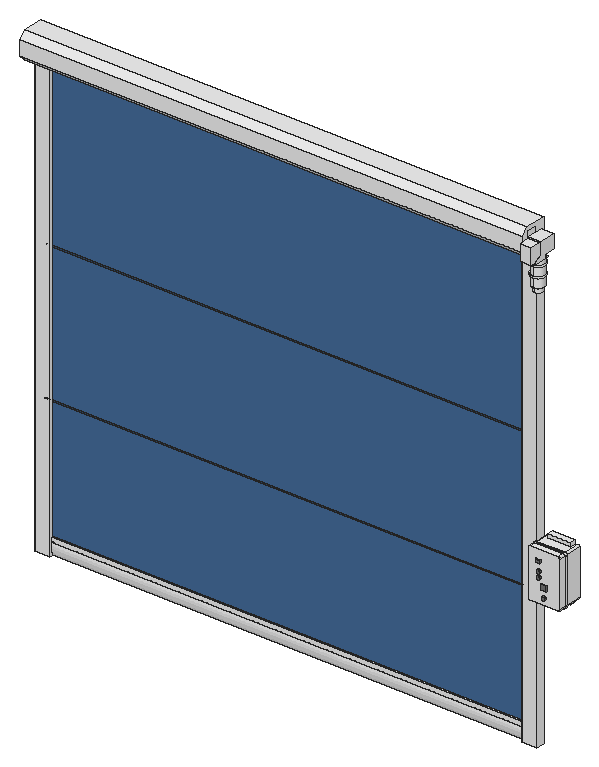
Revit family "g2021_EN_Roll-up_Door_Ferroflex_Alumroll_D00682ES", category Doors, host Wall, Revit 2021
Family settings
  Host = Wall
  OmniClass Number = 23.30.10.00
  OmniClass Title = Doors
  Always vertical = Yes
  Cut with Voids When Loaded = No
  Shared = No
  Room Calculation Point = No
Parameters (values of type "Roll-up Door 4000 x 4000 mm")
  Zone = ""
  Expected Service Life = ""
  Vertical Motor [instance] = not(Horizontal Motor)  # yes
  GDO-BIM Standard Version = "GDO-BIM V02"
  Version = "RVT2021"  # constant formula
  Measuring Unit = "Unit"  # constant formula
  Unit = ""
  Uniclass2015 Code = ""
  Uniclass2015 Title = ""
  Declaration of Performance URL = "https://ferroflexindustrialaccess.com/productos/puerta-rapida-enrollable-aluminio-clase-2"
  Product URL = "https://ferroflexindustrialaccess.com/productos/puerta-rapida-enrollable-aluminio-clase-2"
  BIM Profile URL = "https://bimetica.com/en/bim-object-ferroflex-high-speed-roll-up-door-aluminium-alumrolld00682es-v2-15963.html"
  URL = "https://ferroflexindustrialaccess.com/productos/puerta-rapida-enrollable-aluminio-clase-2\r\nhttps://ferroflexindustrialaccess.com/productos/puerta-rapida-enrollable-aluminio-zonas-interiores"
  UNSPSC Title = "Rolling doors"  # constant formula
  UNSPSC Code = "30171503"  # constant formula
  Type Comments = ""
  Owner = "MANUSA GEST, S.L."  # constant formula
  Container Protection Type = ""
  Service Life Duration = ""
  Mean Time Between Failure = ""
  Thickness = E  # 73 mm
  Telephone Contact = "0034 937 263 433"
  BIM technical support = "https://bimsupport.info/en/fabricantes/ferroflex/"
  Series = "Roll-up Doors"
  FireExit = no
  Safety and Security Contact = ""
  Tender Contact = ""
  Purchase Contact = ""
  Hazardous Waste Per Unit = 0
  NonHazardous Waste Per Unit = 0
  Radioactive Waste Per Unit = 0
  Inert Waste Per Unit = 0
  Functional Unit Reference = ""
  Batch Reference = ""
  Technical Support Contact = "ferroflex@ferroflex.net"
  Sales Representative Contact = "ferroflex@ferroflex.net"
  Reference = "D00682ES-V2"  # constant formula
  Point of Contact = "https://ferroflexindustrialaccess.com/contact"
  BIM Content Download Platform = "www.bimetica.com"
  Weight = 0.00 kg
  Warranty Period = "One year"  # constant formula
  Tender Text URL = ""
  Country of Sale = ""
  Operation = "Enrrollable"  # constant formula
  Omniclass Title = "Access Doors"  # constant formula
  Omniclass Code = "23-17 11 27 13"  # constant formula
  License Number = "XXX-XXXX7125"  # constant formula
  Declaration of Performance Number = ""
  Serial Number = ""
  Global Trade Item Number = ""
  Article Number = "D00682ES-V2"  # constant formula
  Risk Level = ""
  Model = "Alumroll"  # constant formula
  Curtain Material = PVC_Blue
  Wrapping Material = "Plastic wrapping"
  Container Material = "Wooden box"
  Material = Aluminium_Laquered
  Masterformat Title = "Access Doors and Panels"  # constant formula
  Masterformat Code = "08 31 00"  # constant formula
  CE Mark = yes
  Manufacturer = "Ferroflex S.L.U."  # constant formula
  Maintenance = ""
  Assembly Place = "On site"
  Special Instructions = ""
  Technical Information = ""
  Infiltration = 0
  IfcExportType = "Roll-up door"  # constant formula
  IfcExportAs = "IfcDoor"  # constant formula
  Warranty Identifier = ""
  Horizontal Motor [instance] = no
  History = "(RVT2021) Creation of Element."  # constant formula
  H = 430 mm  # constant formula
  Gubimclass Code = "Puertas de acceso"  # constant formula
  Gubimclass Title = "80.10.40.20"  # constant formula
  Is Extended Warranty = no
  G = 300 mm  # constant formula
  Function = Exterior
  LCA Data Source = ""
  Frame Projection Ext. = 200 mm
  Frame Projection Int. = 100 mm
  Fire Rating = "Canvas ISO 3795-89"  # constant formula
  E = 73 mm  # constant formula
  D = 130 mm  # constant formula
  Description = "Rapid roll-up door, consisting of guides and head in lacquered or anodized aluminum. PVC canvas with polyester fabric, color to choose. Control panel with variator. Active security by means of crossed photocells barriers and possibility of lower skirt with resistive band."  # constant formula
  Define Thermal Properties by = Schematic Type
  Control panel Visible [instance] = yes
  C = 480 mm  # constant formula
  B = 205 mm  # constant formula
  Sight glass area = "Possibility of sight glass areas are available"
  Analytic Construction = "<Ninguno>"
  Height = if((Clear Height + 480 mm) < 2100 mm, 2100 mm, if((Clear Height + 480 mm) > 4000 mm, 4000 mm, Clear Height))  # 4000 mm
  Wall Closure = Interior
  Width = if((Clear Width + 130 mm) < 1000 mm, 1000 mm, if((Clear Width + 130 mm) > 4000 mm, 4000 mm, Clear Width))  # 4000 mm
  Glazing Area Fraction = 0
  Photochemical Ozone Formation Per Unit = 0
  BIM Eelement Expiry Date = "2 years"  # constant formula
  Supply Date = ""
  Warranty Start Date = ""
  Warranty End Date = ""
  Assessment Date = ""
  BIM Element Issue Date = "16/12/2022"  # constant formula
  Purchase Date = ""
  Installation Date = ""
  Life Cycle Phase = ""
  Resource Depletion Per Unit = 0
  Exclusions = ""
  Eutrophication Per Unit = 0
  Model Label = "Alumroll Roll-up Door"  # constant formula
  Safety Standard = "2006/42/CE"
  Clear Area to Access = 0 mm
  Space = ""
  HasDrive = yes
  Is External = 1 = 1  # yes
  Is Accesible = no
  Energy Spent = 0
  Renewable Energy Consumption Per Unit = 0
  Total Primary Energy Consumption Per Unit = 0
  Non Renewable Energy Consumption Per Unit = 0
  Contact Email = "ferroflex@ferroflex.net"
  Stratospheric Ozone Layer Destruction Per Unit = 0
  Exterior Offset = 0 mm
  Interior Offset = 0 mm
  Assessment Description = ""
  Dependent Of = ""
  Environmental Product Declaration URL = ""
  LEED Credits = ""
  BREEAM Credits = ""
  Maintenance Cost = 0
  SmokeStop = no
  Warranty Content = "Materials"
  Contact = "https://ferroflexindustrialaccess.com/contact"
  Condition of Sale = ""
  Assessment Condition = ""
  Barcode = ""
  Code = "Alumroll"  # constant formula
  Hygrothermal Rating = ""
  Security Rating = "ISO 1421 / ISO 13937-2"
  Water Tightness Rating = ""
  Mechanical Load Rating = ""
  Wind Load Rating = "Class 2"  # constant formula
  Self Closing = no
  Climate Change Per Unit = 0
  Durability Rating = ""
  COBie Category = "IfcDoor"  # constant formula
  Product Pricing Database 03 = ""
  Product Pricing Database 02 = ""
  Product Pricing Database 01 = ""
  Author = "Bimetica Parametric Design Services S.L."  # constant formula
  Production Year = ""
  Clear Width = 4000 mm
  Minimum Required Height = 2100 mm
  Clear Height = 4000 mm
  Control panel Height = 1200 mm
  Water Consumption Per Unit = 0
  Agl [instance] = if(Vertical Motor, 180.00°, if(Horizontal Motor, 90.00°, 0.00°))  # 180.00°
  Atmospheric Acidification Per Unit = 0
  Finish = "Lacquered"
  A = 224 mm  # constant formula
Reference planes
  plane 1: y = 0
  plane 2 "Center (Left/Right)": x = 0
  plane 3 "Left": x = -2000
  plane 4 "Right": x = 2000
  plane 5 "Exterior": y = -150
  plane 6 "Interior": y = -150
  plane 7 "RM": x = 2130
  plane 8: x = -2130
  plane 9 "E": y = -223
  plane 10 "Top": z = 4000
  plane 11 "B": y = -375
  plane 12: z = 1400
  plane 13 "Cuadro de Mando": z = 1200
  plane 14 "Motor": z = 3888
  plane 15 "M": x = 2212.663
  plane 16 "C": z = 3520
  plane 17 "A": z = 3776
  plane 18 "Bottom": z = 0
Forms (mm)
  Extrusion 1, solid, material "Aluminium_Laquered" <- "Material"
    sketch origin (-8415.525, -465, 0) x (0, 1, 0) y (-1, 0, 0)
      loop
        line (315, -6285.525) -> (242, -6285.525) -> (242, -6415.525) -> (266.531, -6415.525) -> (266.531, -6388.525) -> (263.531, -6388.525) -> (263.531, -6412.525) -> (245, -6412.525) -> (245, -6288.525) -> (312, -6288.525) -> (312, -6412.525) -> (289.53, -6412.525) -> (289.53, -6388.525) -> (286.53, -6388.525) -> (286.53, -6415.525) -> (315, -6415.525) -> (315, -6285.525)
      loop
        line (315, -10545.525) -> (315, -10415.525) -> (286.53, -10415.525) -> (286.53, -10442.525) -> (289.53, -10442.525) -> (289.53, -10418.525) -> (312, -10418.525) -> (312, -10542.525) -> (245, -10542.525) -> (245, -10418.525) -> (263.531, -10418.525) -> (263.531, -10442.525) -> (266.531, -10442.525) -> (266.531, -10415.525) -> (242, -10415.525) -> (242, -10545.525) -> (315, -10545.525)
    from 0 to 3776
  Extrusion 2, solid, material "Aluminium_Laquered" <- "Material"
    sketch origin (0, 0, 0) x (0, -1, 0) y (0, 0, -1)
      loop
        line (150, -4000) -> (326.274, -4000) -> (375, -3947.196) -> (375, -3829.019) -> (325.559, -3776) -> (150, -3776) -> (150, -4000)
    from -2130 to 2130
  Extrusion 3, solid, material "Aluminium_Laquered" <- "Material", visible <- "Control panel Visible", detail levels fine
    sketch origin (0, -150, 0) x (1, 0, 0) y (0, 0, 1)
      loop
        line (2205.807, 1612) -> (2395.807, 1612) -> (2395.807, 1642) -> (2205.807, 1642) -> (2205.807, 1612)
      loop
        line (2205.807, 1170) -> (2395.807, 1170) -> (2395.807, 1200) -> (2205.807, 1200) -> (2205.807, 1170)
    from 0 to 48.469
  Extrusion 4, solid, material "Aluminium_Laquered", visible <- "Control panel Visible"
    sketch origin (0, -150, 0) x (1, 0, 0) y (0, 0, 1)
      loop
        arc (2183.807, 1612) -> (2173.201, 1607.607) -> (2168.807, 1597) r 15
        line (2168.807, 1597) -> (2168.807, 1215)
        arc (2168.807, 1215) -> (2173.201, 1204.393) -> (2183.807, 1200) r 15
        line (2183.807, 1200) -> (2417.807, 1200)
        arc (2417.807, 1200) -> (2428.414, 1204.393) -> (2432.807, 1215) r 15
        line (2432.807, 1215) -> (2432.807, 1597)
        arc (2432.807, 1597) -> (2428.414, 1607.607) -> (2417.807, 1612) r 15
        line (2417.807, 1612) -> (2183.807, 1612)
    from 0 to 209.886
  Extrusion 5, solid, material "Plastic, Opaque Black", visible <- "Control panel Visible", detail levels fine
    sketch origin (-264, -359.886, 0) x (1, 0, 0) y (0, 0, 1)
      loop
        circle (2564.938, 1258.022) r 15
      loop
        line (2497.807, 1513.5) -> (2537.807, 1513.5) -> (2537.807, 1538.5) -> (2497.807, 1538.5) -> (2497.807, 1513.5)
      loop
        circle (2522.868, 1446.632) r 15
      loop
        circle (2522.868, 1401.632) r 15
      loop
        line (2542.307, 1316) -> (2587.307, 1316) -> (2587.307, 1361) -> (2542.307, 1361) -> (2542.307, 1316)
    from 0 to 10
  Extrusion 6, solid, material "PVC_Blue" <- "Curtain Material", detail levels coarse
    sketch origin (0, 0, 0) x (1, 0, 0) y (0, 1, 0)
      loop
        line (-2068.5, -178.47) -> (-2068.5, -198.469) -> (2068.5, -198.469) -> (2068.5, -178.47) -> (-2068.5, -178.47)
    from 0 to 3776
  Extrusion 7, solid, material "Aluminium_Laquered" <- "Material", detail levels medium+fine
    sketch origin (0, 0, 0) x (0, 1, 0) y (0, 0, 1)
      loop
        line (-164.669, 145.388) -> (-212.269, 145.388) -> (-212.269, 112.673) -> (-207.416, 107.82)
        arc (-207.416, 107.82) -> (-210.69, 52.584) -> (-193.469, 0) r 148.157
        line (-193.469, 0) -> (-183.469, 0)
        arc (-183.469, 0) -> (-166.249, 52.584) -> (-169.523, 107.82) r 148.157
        line (-169.523, 107.82) -> (-164.669, 112.673) -> (-164.669, 145.388)
    from -2000 to 2000
  Extrusion 8, solid, material "PVC_Blue" <- "Curtain Material", detail levels medium+fine
    sketch origin (0, 0, 0) x (0, 1, 0) y (0, 0, 1)
      loop
        line (-186.469, 145.388) -> (-186.469, 3776) -> (-190.469, 3776) -> (-190.469, 2351.667)
        arc (-190.469, 2351.667) -> (-195.469, 2346.667) -> (-190.469, 2341.667) r 5
        line (-190.469, 2341.667) -> (-190.469, 1178.333)
        arc (-190.469, 1178.333) -> (-195.469, 1173.333) -> (-190.469, 1168.333) r 5
        line (-190.469, 1168.333) -> (-190.469, 145.388) -> (-186.469, 145.388)
    from -2068.5 to 2068.5
  Extrusion 9, solid, material "Aluminium_Laquered" <- "Material", detail levels medium+fine
    sketch origin (2212.663, -262.5, 3888) x (0, 0, -1) y (0, -1, 0)
      loop
        line (48.988, 92.567) -> (-58.012, 92.567) -> (-58.012, -54.364) -> (55.688, -54.364) -> (55.688, 50.636) -> (82.688, 50.636) -> (82.688, 10.636) -> (89.688, 10.636) -> (89.688, 144.567) -> (72.988, 144.567) -> (48.988, 92.567)
    from -52.5 to 52.5
  Extrusion 10, solid, material "Aluminium_Laquered" <- "Material", detail levels medium+fine
    sketch origin (2212.663, -269.793, 3783.699) x (0, 0, -1) y (0, -1, 0)
      loop
        line (-55.313, 85.274) -> (-31.313, 137.274) -> (-21.813, 137.274) -> (-21.813, 174.181) -> (-156.813, 174.181) -> (-156.813, 85.274) -> (-55.313, 85.274)
    from -45.5 to 45.5
  Revolve 11, solid, material "Aluminium_Laquered" <- "Material", detail levels medium+fine
    sketch origin (2212.663, -262.5, 3888) x (0, 0, -1) y (0, -1, 0)
      loop
        line (344.957, 85.176) -> (307.257, 85.176) -> (305.235, 96.493) -> (300.263, 96.493) -> (300.263, 99.926) -> (221.263, 99.926) -> (221.263, 109.926) -> (211.263, 109.926) -> (211.263, 99.926) -> (136.263, 99.926) -> (136.263, 109.282) -> (126.263, 109.282) -> (126.263, 99.926) -> (88.263, 99.926) -> (88.263, 80.372) -> (54.263, 80.372) -> (54.263, 50.084) -> (349.266, 50.084) -> (344.957, 85.176)
      axis (349.266, 50.084) -> (54.263, 50.084)
    angle from 0 to 360
  Extrusion 12, solid, material "Aluminium_Laquered" <- "Material", detail levels fine
    sketch origin (-8600, -223, 2500) x (0, 0, -1) y (1, 0, 0)
      loop
        line (-1395.423, 10760.163) -> (-1421.586, 10734) -> (-1473.31, 10734) -> (-1473.31, 10730) -> (-1419.929, 10730) -> (-1393.766, 10756.163) -> (-1337.31, 10756.163) -> (-1337.31, 10760.163) -> (-1395.423, 10760.163)
    from 30.044 to 102.559
  Extrusion 13, solid, material "Aluminium_Laquered" <- "Material", visible <- "Control panel Visible", detail levels fine
    sketch origin (0, -359.886, 0) x (1, 0, 0) y (0, 0, 1)
      loop
        line (2417.807, 1612) -> (2183.807, 1612)
        arc (2183.807, 1612) -> (2173.201, 1607.607) -> (2168.807, 1597) r 15
        line (2168.807, 1597) -> (2168.807, 1215)
        arc (2168.807, 1215) -> (2173.201, 1204.393) -> (2183.807, 1200) r 15
        line (2183.807, 1200) -> (2417.807, 1200)
        arc (2417.807, 1200) -> (2428.414, 1204.393) -> (2432.807, 1215) r 15
        line (2432.807, 1215) -> (2432.807, 1597)
        arc (2432.807, 1597) -> (2428.414, 1607.607) -> (2417.807, 1612) r 15
      loop
        line (2437.807, 1215) -> (2437.807, 1597)
        arc (2437.807, 1597) -> (2431.95, 1611.142) -> (2417.807, 1617) r 20
        line (2417.807, 1617) -> (2183.807, 1617)
        arc (2183.807, 1617) -> (2169.665, 1611.142) -> (2163.807, 1597) r 20
        line (2163.807, 1597) -> (2163.807, 1215)
        arc (2163.807, 1215) -> (2169.665, 1200.858) -> (2183.807, 1195) r 20
        line (2183.807, 1195) -> (2417.807, 1195)
        arc (2417.807, 1195) -> (2431.95, 1200.858) -> (2437.807, 1215) r 20
    from -67.5 to -56
  Extrusion 14, solid, material "Aluminium_Laquered" <- "Material", visible <- "Control panel Visible", detail levels fine
    sketch origin (1875.481, -300, 1200) x (-1, 0, 0) y (0, -1, 0)
      loop
        circle (-425.26, -93.721) r 9.025
      loop
        circle (-485.26, -93.721) r 8.978
      loop
        circle (-365.26, -93.721) r 8.966
      loop
        circle (-395.208, -93.721) r 5
      loop
        circle (-455.189, -93.721) r 5
    from 0 to -30
  Extrusion 15, solid, material "Aluminium_Laquered" <- "Material", detail levels coarse
    sketch origin (2212.663, -262.5, 3888) x (-1, 0, 0) y (0, -1, 0)
      loop
        circle (0, 50.084) r 59.841
    from -349.885 to 58.012
Lines and regions (mm)
  Opening 1
    outline origin (-3050, -150, 0) x (1, 0, 0) y (0, 0, 1)
      loop
        line (1050, 0) -> (5050, 0) -> (5050, 3520) -> (1050, 3520) -> (1050, 0)
  symbolic lines, style "DoorsHiddenLines"
    curve 1: line (-2130, -150, 0) -> (-2130, -375, 0)
    curve 2: line (2130, -375, 0) -> (-2130, -375, 0)
    curve 3: line (2130, -150, 0) -> (2130, -375, 0)
    curve 4: circle (2212.663, -312.584, 0) r 59.841 normal (0, 0, 1)
    curve 5: line (-2068.5, -178.47, 0) -> (2068.5, -178.47, 0)
    curve 6: line (-2068.5, -198.469, 0) -> (-2068.5, -178.47, 0)
    curve 7: line (2068.5, -198.469, 0) -> (-2068.5, -198.469, 0)
    curve 8: line (2068.5, -178.47, 0) -> (2068.5, -198.469, 0)
    curve 13: line (2130, -150, 0) -> (-2130, -150, 0)
  reference lines
    curve 9: line (0, -334.729, 2346.667) -> (0, -1354.729, 2346.667)
    curve 10: line (0, -635.086, 1173.333) -> (0, -1575.086, 1173.333)
    curve 11: line (2212.663, -262.5, 4131.432) -> (2212.663, -262.5, 3211.432)
    curve 12: line (2212.663, -262.5, 3888) -> (2212.663, -262.5, 3348)
Text (mm)
  text "Exterior" at (-1759.87, 1099.543, 0), in view "Ref. Level"
  text "Exterior" at (0, 1615.38, 3698.081), in view "Left"
  text "Exterior" at (0, 1036.032, 3874.932), in view "Right"
Dimensions and locks
  equal spacing: plane 3 "Left", plane 2 "Center (Left/Right)", plane 4 "Right"
  "Width": plane 3 "Left" to plane 4 "Right"
  "Height": plane 10 "Top" to host wall
  "Interior Offset": plane 5 "Exterior" to plane 6 "Interior"
  "Exterior Offset": host wall to plane 6 "Interior"
  "D": plane 8 to plane 3 "Left"
  "D": plane 4 "Right" to plane 7 "RM"
  plane 3 "Left" to plane 8 = 130 mm
  "E": plane 9 "E" to plane 5 "Exterior"
  locked: plane 5 "Exterior" to plane 11 "B" at 225
  "Control panel Height": plane 13 "Cuadro de Mando" to level
  plane 13 "Cuadro de Mando" to level = 1200 mm
  plane 15 "M" to plane 7 "RM" = 82.663 mm
  locked: Extrusion 1 sketch curve to Extrusion 1 sketch curve at 3  (x8)
  locked: Extrusion 1 sketch curve to Extrusion 1 sketch curve at 27
  Extrusion 1 sketch curve to Extrusion 1 sketch curve to plane 5 "Exterior" = 3 mm locked, 25.47 mm locked
  plane 9 "E" to Extrusion 1 sketch curve to Extrusion 1 sketch curve = 21.531 mm locked, 3 mm locked
  Extrusion 1 sketch curve to Extrusion 1 sketch curve to Extrusion 1 sketch curve = 25.47 mm locked, 3 mm locked
  Extrusion 1 sketch curve to Extrusion 1 sketch curve to Extrusion 1 sketch curve = 21.531 mm locked, 3 mm locked
  locked: plane 4 "Right" to Extrusion 1 sketch curve at 27
  "C": plane 10 "Top" to plane 16 "C"
  equal spacing: plane 10 "Top", plane 14 "Motor", plane 17 "A"
  "A": plane 10 "Top" to plane 17 "A"
  locked: level to plane 18 "Bottom"
  locked: plane 10 "Top" to Extrusion 2 sketch curve at 52.804
  locked: Extrusion 2 sketch curve to plane 17 "A" at 53.019
  locked: Extrusion 2 sketch curve to plane 11 "B" at 48.726
  locked: Extrusion 2 sketch curve to plane 11 "B" at 49.441
  locked: plane 4 "Right" to Extrusion 6 sketch curve at 68.5
  locked: Extrusion 6 sketch curve to plane 3 "Left" at 68.5
  locked: Extrusion 6 sketch curve to plane 5 "Exterior" at 28.47
  locked: plane 9 "E" to Extrusion 6 sketch curve at 24.531
  Extrusion 7 sketch curve to Extrusion 7 sketch curve to Extrusion 7 sketch curve to Extrusion 7 sketch curve to Extrusion 7 sketch curve to plane 18 "Bottom" = 32.715 mm locked, 0 mm locked, 4.853 mm locked, 0 mm locked, 107.82 mm locked
  plane 5 "Exterior" to Extrusion 7 sketch curve to Extrusion 7 sketch curve to Extrusion 7 sketch curve to Extrusion 7 sketch curve = 14.669 mm locked, 0.355 mm locked, 4.498 mm locked, 13.946 mm locked
  Extrusion 7 sketch curve to Extrusion 7 sketch curve to Extrusion 7 sketch curve to Extrusion 7 sketch curve to plane 9 "E" = 13.946 mm locked, 4.498 mm locked, 0.355 mm locked, 10.731 mm locked
  equal spacing: plane 16 "C", curve 9, curve 10, plane 18 "Bottom"
  plane 5 "Exterior" to Extrusion 8 sketch curve to Extrusion 8 sketch curve = 36.469 mm locked, 4 mm locked
  locked: Extrusion 8 to plane 3 "Left" at 68.5
  locked: plane 4 "Right" to Extrusion 8 at 68.5
  equal spacing: plane 5 "Exterior", curve 11, plane 11 "B"
  Extrusion 12 sketch curve to Extrusion 12 sketch curve to plane 15 "M" = 4 mm locked, 52.5 mm locked
  Extrusion 12 sketch curve to Extrusion 12 sketch curve to plane 7 "RM" = 4 mm locked, 0 mm locked
  Extrusion 12 sketch curve to plane 14 "Motor" to Extrusion 12 sketch curve to Extrusion 12 sketch curve to Extrusion 12 sketch curve to Extrusion 12 sketch curve to Extrusion 12 sketch curve = 50.69 mm locked, 5.766 mm locked, 1.657 mm locked, 24.506 mm locked, 1.657 mm locked, 51.724 mm locked
  Extrusion 4 sketch curve to Extrusion 4 sketch curve to plane 7 "RM" = 264 mm locked, 38.807 mm locked
  locked: plane 13 "Cuadro de Mando" to Extrusion 4 sketch curve at 412
  Extrusion 4 to Extrusion 3 sketch curve = 30 mm
  locked: Extrusion 3 sketch curve to plane 13 "Cuadro de Mando" at 30
  locked: Extrusion 4 to Extrusion 3 sketch curve at 37  (x2)
  locked: curve 4 to plane 9 "E" at 89.584
  "Agl": angle curve 12 to curve 11
  aligned and locked: plane 3 "Left" to Opening 1 sketch curve
  aligned and locked: Opening 1 sketch curve to plane 4 "Right"
  aligned and locked: Opening 1 sketch curve to level
  aligned and locked: host wall to plane 1
  aligned and locked: plane 8 to Extrusion 2
  aligned and locked: plane 7 "RM" to Extrusion 2
  aligned and locked: Extrusion 3 to plane 5 "Exterior"
  aligned and locked: plane 5 "Exterior" to Extrusion 3
  aligned and locked: Extrusion 1 sketch curve to Extrusion 1 sketch curve  (x6)
  aligned and locked: plane 5 "Exterior" to Extrusion 1 sketch curve
  aligned and locked: Extrusion 1 sketch curve to plane 8
  aligned and locked: Extrusion 1 sketch curve to plane 9 "E"
  aligned and locked: plane 3 "Left" to Extrusion 1 sketch curve
  aligned and locked: plane 7 "RM" to Extrusion 1 sketch curve
  aligned and locked: Extrusion 1 sketch curve to plane 5 "Exterior"
  aligned and locked: plane 9 "E" to Extrusion 1 sketch curve
  aligned and locked: plane 4 "Right" to Extrusion 1 sketch curve
  aligned and locked: Opening 1 sketch curve to plane 16 "C"
  aligned and locked: Extrusion 1 to plane 18 "Bottom"
  aligned and locked: plane 17 "A" to Extrusion 1
  aligned and locked: plane 11 "B" to Extrusion 2 sketch curve
  aligned and locked: plane 5 "Exterior" to Extrusion 2 sketch curve
  aligned and locked: plane 17 "A" to Extrusion 2 sketch curve
  aligned and locked: plane 17 "A" to Extrusion 6
  aligned and locked: plane 18 "Bottom" to Extrusion 7 sketch curve
  aligned and locked: plane 3 "Left" to Extrusion 7
  aligned and locked: Extrusion 7 to plane 4 "Right"
  aligned and locked: Extrusion 8 sketch curve to Extrusion 7
  aligned and locked: Extrusion 8 sketch curve to plane 17 "A"
  aligned and locked: Extrusion 8 sketch curve to curve 9
  aligned and locked: Extrusion 8 sketch curve to curve 10
  aligned and locked: Extrusion 8 sketch curve to Extrusion 8 sketch curve  (x4)
  aligned and locked: curve 11 to curve 12
  aligned and locked: plane 14 "Motor" to curve 12
  aligned and locked: Extrusion 4 sketch curve to plane 13 "Cuadro de Mando"
  aligned and locked: Extrusion 4 to Extrusion 3 sketch curve
  aligned and locked: Extrusion 3 sketch curve to plane 13 "Cuadro de Mando"
  aligned and locked: Extrusion 3 sketch curve to Extrusion 3 sketch curve  (x2)
  aligned and locked: Extrusion 4 to plane 5 "Exterior"
  aligned and locked: plane 5 "Exterior" to curve 1
  aligned and locked: plane 11 "B" to curve 2
  aligned and locked: plane 15 "M" to curve 4
  aligned and locked: curve 6 to Extrusion 6
  aligned and locked: curve 7 to Extrusion 6
  aligned and locked: curve 8 to Extrusion 6
  aligned and locked: plane 8 to curve 13
  aligned and locked: plane 7 "RM" to curve 13
  aligned and locked: curve 13 to plane 5 "Exterior"
Automatic sketch dimensions
  Extrusion 2 sketch curve to plane 10 "Top" = 0 mm
  host wall to curve 10 = 1425.086 mm
  curve 10 to curve 9 = 220.356 mm
  plane 6 "Interior" to curve 10 = 485.086 mm
  plane 6 "Interior" to curve 9 = 184.729 mm
  Extrusion 8 sketch curve to Extrusion 8 sketch curve = 5 mm  (x2)
  curve 12 to Revolve 11 sketch curve = 54.263 mm
  Revolve 11 sketch curve to curve 12 = 99.926 mm  (x3)
  Revolve 11 sketch curve to Revolve 11 sketch curve = 38 mm
  Revolve 11 sketch curve to Revolve 11 sketch curve = 10 mm  (x2)
  Revolve 11 sketch curve to Revolve 11 sketch curve = 75 mm
  Revolve 11 sketch curve to Revolve 11 sketch curve = 79 mm
  Revolve 11 sketch curve to Revolve 11 sketch curve = 4.972 mm
  Revolve 11 sketch curve to Revolve 11 sketch curve = 2.022 mm
  Revolve 11 sketch curve to curve 12 = 85.176 mm
  Revolve 11 sketch curve to Revolve 11 sketch curve = 37.7 mm
  Revolve 11 sketch curve to Revolve 11 sketch curve = 4.309 mm
  Revolve 11 sketch curve to curve 12 = 80.372 mm
  Revolve 11 sketch curve to Revolve 11 sketch curve = 30.288 mm
  Revolve 11 sketch curve to Revolve 11 sketch curve = 3.433 mm
  Revolve 11 sketch curve to curve 12 = 109.282 mm
  Revolve 11 sketch curve to curve 12 = 109.926 mm
  curve 12 to Revolve 11 sketch curve = 20.658 mm
  Revolve 11 sketch curve to Revolve 11 sketch curve = 42.041 mm
  curve 12 to Revolve 11 sketch curve = 50.084 mm
  Revolve 11 sketch curve to Revolve 11 sketch curve = 34 mm
  plane 9 "E" to curve 11 = 39.5 mm
  plane 10 "Top" to curve 11 = 131.432 mm
  curve 11 to plane 16 "C" = 308.568 mm
  Extrusion 10 sketch curve to curve 12 = 52.512 mm
  curve 12 to Extrusion 10 sketch curve = 48.988 mm
  Extrusion 10 sketch curve to curve 12 = 144.567 mm
  Extrusion 10 sketch curve to Extrusion 10 sketch curve = 24 mm
  Extrusion 10 sketch curve to Extrusion 10 sketch curve = 9.5 mm
  Extrusion 10 sketch curve to curve 12 = 92.567 mm
  Extrusion 10 sketch curve to curve 12 = 181.475 mm
  Extrusion 9 sketch curve to curve 12 = 58.012 mm
  curve 12 to Extrusion 9 sketch curve = 48.988 mm
  Extrusion 9 sketch curve to Extrusion 9 sketch curve = 6.701 mm
  Extrusion 9 sketch curve to Extrusion 9 sketch curve = 24 mm
  Extrusion 9 sketch curve to Extrusion 9 sketch curve = 27 mm
  Extrusion 9 sketch curve to Extrusion 9 sketch curve = 16.701 mm
  curve 12 to Extrusion 9 sketch curve = 144.567 mm
  curve 12 to Extrusion 9 sketch curve = 92.567 mm
  Extrusion 9 sketch curve to Extrusion 9 sketch curve = 41.932 mm
  Extrusion 9 sketch curve to Extrusion 9 sketch curve = 40 mm
  Extrusion 9 sketch curve to curve 12 = 54.364 mm
  Extrusion 14 sketch curve to plane 9 "E" = 16.721 mm  (x5)
  Extrusion 14 sketch curve to plane 15 "M" = 148.078 mm
  Extrusion 14 sketch curve to Extrusion 14 sketch curve = 30.071 mm
  Extrusion 14 sketch curve to Extrusion 14 sketch curve = 29.929 mm
  Extrusion 14 sketch curve to Extrusion 14 sketch curve = 30.051 mm
  Extrusion 14 sketch curve to plane 15 "M" = 28.078 mm
  Extrusion 15 sketch curve to plane 15 "M" = 0 mm
  plane 11 "B" to Extrusion 15 sketch curve = 62.416 mm
  plane 13 "Cuadro de Mando" to Extrusion 4 sketch curve = 15 mm
  Extrusion 4 sketch curve to Extrusion 4 sketch curve = 15 mm  (x3)
  Extrusion 5 sketch curve to Extrusion 4 = 65 mm
  Extrusion 5 sketch curve to Extrusion 5 sketch curve = 25.061 mm
  Extrusion 5 sketch curve to Extrusion 5 sketch curve = 0 mm
  Extrusion 5 sketch curve to Extrusion 5 sketch curve = 40 mm
  Extrusion 5 sketch curve to Extrusion 5 sketch curve = 19.439 mm
  Extrusion 5 sketch curve to Extrusion 5 sketch curve = 22.631 mm
  Extrusion 5 sketch curve to Extrusion 5 sketch curve = 45 mm  (x3)
  Extrusion 5 sketch curve to Extrusion 4 = 58.022 mm
  Extrusion 5 sketch curve to Extrusion 5 sketch curve = 57.978 mm
  Extrusion 5 sketch curve to Extrusion 5 sketch curve = 40.632 mm
  Extrusion 5 sketch curve to Extrusion 5 sketch curve = 66.868 mm
  Extrusion 5 sketch curve to Extrusion 5 sketch curve = 25 mm
  Extrusion 13 sketch curve to Extrusion 13 sketch curve = 0 mm  (x4)
  curve 6 to curve 6 = 19.999 mm
  radius of Extrusion 14 sketch curve = 9.025 mm
  radius of Extrusion 14 sketch curve = 8.978 mm
  radius of Extrusion 14 sketch curve = 8.966 mm
  radius of Extrusion 14 sketch curve = 5 mm  (x2)
  radius of Extrusion 15 sketch curve = 59.841 mm
  radius of Extrusion 5 sketch curve = 15 mm  (x3)
  radius of Extrusion 13 sketch curve to Extrusion 4 = 0 mm  (x2)
  radius of Extrusion 4 to Extrusion 13 sketch curve = 5 mm  (x2)
  radius of curve 4 = 59.841 mm
